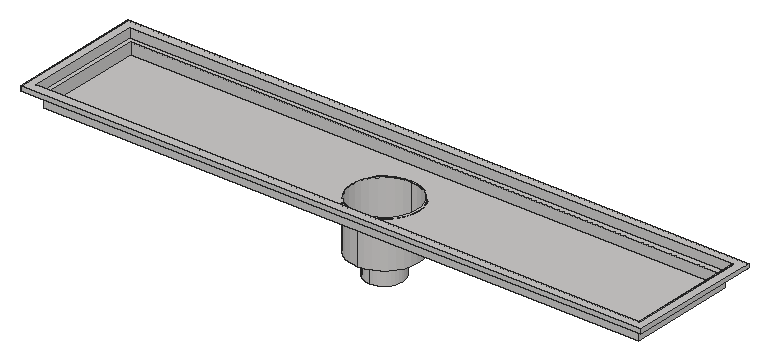
Revit family "QF_ELECTROLUXPROFESSIONAL_328064_FDB40185", category Attrezzature speciali, Revit 2020
Family settings
  Quota connettore circolare = Usa diametro
  Tipo di parte = Normale
  Basato su piano di lavoro = No
  Sempre verticale = Sì
  Taglio con vuoti quando caricato = No
  Condiviso = No
  Punto di calcolo locali = No
Parameters (values of type "Standard")
  Weight = 66.1387 lbm
  Watts = 0 W
  Volts = 0 V
  URL Manufacturer = "https://www.electroluxprofessional.com/"
  URL = "https://www.electroluxprofessional.com/"
  Steam Supply Size = 0"
  Steam Supply Minimum Pressure = 0.00 psi
  Steam Supply Maximum Pressure = 0.00 psi
  Steam Consumption per Hour = 0
  Refrigeration Suction Line Size = 0 mm
  Refrigeration Liquid Line Size = 0 mm
  Refrigerant Compressor Remote = yes
  Prospetto di default = 0 mm
  Phase = 0
  Modello = "FDB40185"
  Produttore = "Electrolux Professional"
  Length Actual = 1850 mm  # constant formula
  Item Number = "328064"
  Hot Water Size = 0"
  Height Actual = 265 mm  # constant formula
  HP = "0 HP"
  Gas Size = 0"
  Gas KW = 0
  Gas Input Pressure = 0.0 Btu/h
  Direct Waste Size = 3.93701"
  Descrizione = "FLR.DRAIN+GRATE+C.SIPH-VERT.OUT.400X1850"
  Depth Actual = 400 mm  # constant formula
  Cycle = 0 Hz
  Condensate Return Size = 0"
  Compressed Air Volume = 0 GPM
  Compressed Air Size = 0"
  Compressed Air Pressure = 0.00 psi
  Cold Water Size = 0"
  Assembly Code = ""
  Accessory = yes
Reference planes
  plane 1: z = 0
  plane 2 "Center (Front/Back)": y = -102.225
  plane 3 "Center (Left/Right)": x = 9.791
  plane 4 "TOP": z = -265
  plane 5 "Back": y = 97.775
  plane 6 "Front": y = -302.225
  plane 7: x = -140.209
  plane 8: x = 159.791
  plane 9 "Right": x = 934.791
  plane 10 "Left": x = -915.209
  plane 11: x = 909.791
Forms (mm)
  Revolve 1, solid, material "QF_Metal-Stainless-Polished"
    sketch origin (9.791, 0, 0) x (0, 1, 0) y (0, 0, 1)
      loop
        line (-2.225, -62) -> (0.775, -62) -> (0.775, -60) -> (-4.225, -60) -> (-4.225, -198) -> (-49.225, -198) -> (-49.225, -265) -> (-47.225, -265) -> (-47.225, -200) -> (-2.225, -200) -> (-2.225, -62)
      axis (-102.225, -265) -> (-102.225, -60)
    angle from 0 to 360
  Sweep 2, solid, material "QF_Finishes_Stainless Steel"
    path origin (0, 0, 0) x (1, 0, 0) y (0, 1, 0)
      loop
        line (-915.209, 97.775) -> (-915.209, -302.225) -> (934.791, -302.225) -> (934.791, 97.775) -> (-915.209, 97.775)
    profile origin (9.791, 97.775, 0) x (0, 1, 0) y (0, 0, 1)
      loop
        line (0, -11.945) -> (0, 1) -> (-26, 1) -> (-26, -25) -> (-40, -25) -> (-40, -59) -> (-50, -59) -> (-50, -60) -> (-39, -60) -> (-39, -26) -> (-25, -26) -> (-25, 0.055) -> (-1, 0.055) -> (-1, -11.945) -> (0, -11.945)
  Extrusion 3, solid, material "QF_Finishes_Stainless Steel"
    sketch origin (0, 0, 0) x (1, 0, 0) y (0, 1, 0)
      loop
        line (-865.209, 47.775) -> (-865.209, -252.225) -> (884.791, -252.225) -> (884.791, 47.775) -> (-865.209, 47.775)
      loop
        circle (9.791, -102.225) r 98
    from -59 to -60
Cuts and joins
  joined: Sweep 2, Extrusion 3
Lines and regions (mm)
  symbolic lines
    curve 1: line (-915.209, 97.775, 0) -> (934.791, 97.775, 0)
    curve 2: line (-915.209, -302.225, 0) -> (-915.209, 97.775, 0)
    curve 3: line (934.791, -302.225, 0) -> (-915.209, -302.225, 0)
    curve 4: line (934.791, 97.775, 0) -> (934.791, -302.225, 0)
    curve 5: circle (9.791, -102.225, 0) r 115 normal (0, 0, 1)
    curve 18: circle (9.791, -102.225, 0) r 115 normal (0, 0, -1)
    curve 24: circle (9.791, -102.225, 0) r 53 normal (0, 0, 1)
    curve 70: line (-890.209, 72.775, 0) -> (-890.209, -277.225, 0)
    curve 71: line (909.791, 72.775, 0) -> (-890.209, 72.775, 0)
    curve 72: line (-890.209, -277.225, 0) -> (909.791, -277.225, 0)
    curve 73: line (459.791, -277.225, 0) -> (459.791, 72.775, 0)
    curve 74: line (909.791, 72.775, 0) -> (909.791, -277.225, 0)
    curve 112: line (739.791, -277.225, 0) -> (739.791, 72.775, 0)
  model lines
    curve 6: line (-100.209, 71.775, 0) -> (-100.209, -276.225, 0)
    curve 7: line (-80.209, 71.775, 0) -> (-80.209, -276.225, 0)
    curve 8: line (-60.209, 71.775, 0) -> (-60.209, -276.225, 0)
    curve 9: line (-40.209, 71.775, 0) -> (-40.209, -276.225, 0)
    curve 10: line (-20.209, 71.775, 0) -> (-20.209, -276.225, 0)
    curve 11: line (-0.209, 71.775, 0) -> (-0.209, -276.225, 0)
    curve 12: line (19.791, 71.775, 0) -> (19.791, -276.225, 0)
    curve 13: line (39.791, 71.775, 0) -> (39.791, -276.225, 0)
    curve 14: line (59.791, 71.775, 0) -> (59.791, -276.225, 0)
    curve 15: line (79.791, 71.775, 0) -> (79.791, -276.225, 0)
    curve 16: line (99.791, 71.775, 0) -> (99.791, -276.225, 0)
    curve 17: line (119.791, 71.775, 0) -> (119.791, -276.225, 0)
    curve 19: line (-890.209, -22.225, 0) -> (909.791, -22.225, 0)
    curve 20: line (-890.209, -42.225, 0) -> (909.791, -42.225, 0)
    curve 21: line (-890.209, -62.225, 0) -> (909.791, -62.225, 0)
    curve 22: line (-890.209, -102.225, 0) -> (909.791, -102.225, 0)
    curve 23: line (-890.209, -122.225, 0) -> (909.791, -122.225, 0)
    curve 25: line (-890.209, 37.775, 0) -> (909.791, 37.775, 0)
    curve 26: line (-890.209, 17.775, 0) -> (909.791, 17.775, 0)
    curve 27: line (-890.209, -2.225, 0) -> (909.791, -2.225, 0)
    curve 28: line (-890.209, -202.225, 0) -> (909.791, -202.225, 0)
    curve 29: line (-890.209, -182.225, 0) -> (909.791, -182.225, 0)
    curve 30: line (-890.209, -162.225, 0) -> (909.791, -162.225, 0)
    curve 31: line (-890.209, -142.225, 0) -> (909.791, -142.225, 0)
    curve 32: line (-890.209, -262.225, 0) -> (909.791, -262.225, 0)
    curve 33: line (-890.209, -242.225, 0) -> (909.791, -242.225, 0)
    curve 34: line (-890.209, -222.225, 0) -> (909.791, -222.225, 0)
    curve 35: line (-890.209, 57.775, 0) -> (909.791, 57.775, 0)
    curve 36: line (139.791, 71.775, 0) -> (139.791, -276.225, 0)
    curve 37: line (159.791, 71.775, 0) -> (159.791, -276.225, 0)
    curve 38: line (179.791, 71.775, 0) -> (179.791, -276.225, 0)
    curve 39: line (199.791, 71.775, 0) -> (199.791, -276.225, 0)
    curve 40: line (219.791, 71.775, 0) -> (219.791, -276.225, 0)
    curve 41: line (239.791, 71.775, 0) -> (239.791, -276.225, 0)
    curve 42: line (259.791, 71.775, 0) -> (259.791, -276.225, 0)
    curve 43: line (279.791, 71.775, 0) -> (279.791, -276.225, 0)
    curve 44: line (299.791, 71.775, 0) -> (299.791, -276.225, 0)
    curve 45: line (319.791, 71.775, 0) -> (319.791, -276.225, 0)
    curve 46: line (339.791, 71.775, 0) -> (339.791, -276.225, 0)
    curve 47: line (359.791, 71.775, 0) -> (359.791, -276.225, 0)
    curve 48: line (379.791, 71.775, 0) -> (379.791, -276.225, 0)
    curve 49: line (399.791, 71.775, 0) -> (399.791, -276.225, 0)
    curve 50: line (419.791, 71.775, 0) -> (419.791, -276.225, 0)
    curve 51: line (439.791, 71.775, 0) -> (439.791, -276.225, 0)
    curve 52: line (459.791, 72.775, 0) -> (459.791, -277.225, 0)
    curve 53: line (-890.209, -82.225, 0) -> (909.791, -82.225, 0)
    curve 54: line (-360.209, 71.775, 0) -> (-360.209, -276.225, 0)
    curve 55: line (-340.209, 71.775, 0) -> (-340.209, -276.225, 0)
    curve 56: line (-320.209, 71.775, 0) -> (-320.209, -276.225, 0)
    curve 57: line (-300.209, 71.775, 0) -> (-300.209, -276.225, 0)
    curve 58: line (-280.209, 71.775, 0) -> (-280.209, -276.225, 0)
    curve 59: line (-260.209, 71.775, 0) -> (-260.209, -276.225, 0)
    curve 60: line (-240.209, 71.775, 0) -> (-240.209, -276.225, 0)
    curve 61: line (-220.209, 71.775, 0) -> (-220.209, -276.225, 0)
    curve 62: line (-200.209, 71.775, 0) -> (-200.209, -276.225, 0)
    curve 63: line (-180.209, 71.775, 0) -> (-180.209, -276.225, 0)
    curve 64: line (-160.209, 71.775, 0) -> (-160.209, -276.225, 0)
    curve 65: line (-140.209, 71.775, 0) -> (-140.209, -276.225, 0)
    curve 66: line (-120.209, 71.775, 0) -> (-120.209, -276.225, 0)
    curve 67: line (-420.209, 71.775, 0) -> (-420.209, -276.225, 0)
    curve 68: line (-400.209, 71.775, 0) -> (-400.209, -276.225, 0)
    curve 69: line (-380.209, 71.775, 0) -> (-380.209, -276.225, 0)
    curve 75: line (-640.209, 71.775, 0) -> (-640.209, -276.225, 0)
    curve 76: line (-620.209, 71.775, 0) -> (-620.209, -276.225, 0)
    curve 77: line (-600.209, 71.775, 0) -> (-600.209, -276.225, 0)
    curve 78: line (-580.209, 71.775, 0) -> (-580.209, -276.225, 0)
    curve 79: line (-560.209, 71.775, 0) -> (-560.209, -276.225, 0)
    curve 80: line (-540.209, 71.775, 0) -> (-540.209, -276.225, 0)
    curve 81: line (-520.209, 71.775, 0) -> (-520.209, -276.225, 0)
    curve 82: line (-500.209, 71.775, 0) -> (-500.209, -276.225, 0)
    curve 83: line (-480.209, 71.775, 0) -> (-480.209, -276.225, 0)
    curve 84: line (-460.209, 71.775, 0) -> (-460.209, -276.225, 0)
    curve 85: line (-440.209, 71.775, 0) -> (-440.209, -276.225, 0)
    curve 86: line (-700.209, 71.775, 0) -> (-700.209, -276.225, 0)
    curve 87: line (-680.209, 71.775, 0) -> (-680.209, -276.225, 0)
    curve 88: line (-660.209, 71.775, 0) -> (-660.209, -276.225, 0)
    curve 89: line (-880.209, 71.775, 0) -> (-880.209, -276.225, 0)
    curve 90: line (-860.209, 71.775, 0) -> (-860.209, -276.225, 0)
    curve 91: line (-840.209, 71.775, 0) -> (-840.209, -276.225, 0)
    curve 92: line (-820.209, 71.775, 0) -> (-820.209, -276.225, 0)
    curve 93: line (-800.209, 71.775, 0) -> (-800.209, -276.225, 0)
    curve 94: line (-780.209, 71.775, 0) -> (-780.209, -276.225, 0)
    curve 95: line (-760.209, 71.775, 0) -> (-760.209, -276.225, 0)
    curve 96: line (-740.209, 71.775, 0) -> (-740.209, -276.225, 0)
    curve 97: line (-720.209, 71.775, 0) -> (-720.209, -276.225, 0)
    curve 98: line (479.791, 71.775, 0) -> (479.791, -276.225, 0)
    curve 99: line (499.791, 71.775, 0) -> (499.791, -276.225, 0)
    curve 100: line (519.791, 71.775, 0) -> (519.791, -276.225, 0)
    curve 101: line (539.791, 71.775, 0) -> (539.791, -276.225, 0)
    curve 102: line (559.791, 71.775, 0) -> (559.791, -276.225, 0)
    curve 103: line (579.791, 71.775, 0) -> (579.791, -276.225, 0)
    curve 104: line (599.791, 71.775, 0) -> (599.791, -276.225, 0)
    curve 105: line (619.791, 71.775, 0) -> (619.791, -276.225, 0)
    curve 106: line (639.791, 71.775, 0) -> (639.791, -276.225, 0)
    curve 107: line (659.791, 71.775, 0) -> (659.791, -276.225, 0)
    curve 108: line (679.791, 71.775, 0) -> (679.791, -276.225, 0)
    curve 109: line (699.791, 71.775, 0) -> (699.791, -276.225, 0)
    curve 110: line (719.791, 71.775, 0) -> (719.791, -276.225, 0)
    curve 111: line (739.791, 72.775, 0) -> (739.791, -277.225, 0)
    curve 113: line (759.791, 71.775, 0) -> (759.791, -276.225, 0)
    curve 114: line (779.791, 71.775, 0) -> (779.791, -276.225, 0)
    curve 115: line (799.791, 71.775, 0) -> (799.791, -276.225, 0)
    curve 116: line (819.791, 71.775, 0) -> (819.791, -276.225, 0)
    curve 117: line (839.791, 71.775, 0) -> (839.791, -276.225, 0)
    curve 118: line (859.791, 71.775, 0) -> (859.791, -276.225, 0)
    curve 119: line (879.791, 71.775, 0) -> (879.791, -276.225, 0)
    curve 120: line (899.791, 71.775, 0) -> (899.791, -276.225, 0)
Dimensions and locks
  equal spacing: plane 8, plane 3 "Center (Left/Right)", plane 7
  level to plane 4 "TOP" = 265 mm
  locked: Revolve 1 sketch curve to Revolve 1 sketch curve at 100
  locked: Revolve 1 sketch curve to Revolve 1 sketch curve at 55
  locked: plane 8 to plane 7 at 300
  equal spacing: plane 6 "Front", plane 2 "Center (Front/Back)", plane 5 "Back"
  locked: plane 6 "Front" to plane 5 "Back" at 400
  equal spacing: plane 10 "Left", plane 3 "Center (Left/Right)", plane 9 "Right"
  locked: plane 10 "Left" to plane 9 "Right" at 1850
  locked: plane 11 to plane 9 "Right" at 25
  aligned and locked: level to plane 1
  aligned and locked: Sweep 2 sketch curve to plane 9 "Right"
  aligned and locked: curve 4 to plane 9 "Right"
  aligned and locked: plane 10 "Left" to Sweep 2 sketch curve
  aligned and locked: plane 10 "Left" to curve 2
  aligned and locked: plane 11 to curve 25
Automatic sketch dimensions
  plane 6 "Front" to Sweep 2 sketch curve = 0 mm
  plane 5 "Back" to Sweep 2 sketch curve = 0 mm
  level to Sweep 2 sketch curve = 1 mm
  Sweep 2 sketch curve to profile plane = 0 mm
  profile plane to Sweep 2 sketch curve = 1 mm
  profile plane to Sweep 2 sketch curve = 25 mm
  Sweep 2 sketch curve to Sweep 2 sketch curve = 1 mm  (x4)
  Sweep 2 sketch curve to Sweep 2 sketch curve = 14 mm
  level to Sweep 2 sketch curve = 0.055 mm
  Sweep 2 sketch curve to Sweep 2 sketch curve = 12 mm
  Sweep 2 sketch curve to level = 25 mm
  Sweep 2 sketch curve to Sweep 2 sketch curve = 33 mm
  Sweep 2 sketch curve to Sweep 2 sketch curve = 10 mm
  Extrusion 3 sketch curve to plane 2 "Center (Front/Back)" = 0 mm
  Extrusion 3 sketch curve to plane 3 "Center (Left/Right)" = 0 mm
  Extrusion 3 sketch curve to plane 9 "Right" = 50 mm
  Extrusion 3 sketch curve to plane 6 "Front" = 50 mm
  plane 5 "Back" to Extrusion 3 sketch curve = 50 mm
  plane 10 "Left" to Extrusion 3 sketch curve = 50 mm
  Revolve 1 sketch curve to plane 2 "Center (Front/Back)" = 0 mm
  Revolve 1 sketch curve to plane 4 "TOP" = 0 mm
  Revolve 1 sketch curve to Revolve 1 sketch curve = 2 mm  (x4)
  Revolve 1 sketch curve to Revolve 1 sketch curve = 3 mm
  plane 4 "TOP" to Revolve 1 sketch curve = 65 mm
  Revolve 1 sketch curve to level = 60 mm
  Revolve 1 sketch curve to plane 4 "TOP" = 344.6 mm
  level to Revolve 1 sketch curve = 2466.13 mm
  curve 5 to curve 18 = 0 mm  (x2)
  curve 5 to curve 24 = 0 mm  (x2)
  curve 22 to plane 2 "Center (Front/Back)" = 0 mm
  curve 65 to plane 7 = 0 mm
  curve 5 to plane 2 "Center (Front/Back)" = 0 mm
  curve 5 to plane 3 "Center (Left/Right)" = 0 mm
  curve 37 to plane 8 = 0 mm
  plane 6 "Front" to curve 3 = 0 mm
  plane 5 "Back" to curve 2 = 0 mm
  plane 10 "Left" to curve 70 = 25 mm
  curve 73 to plane 6 "Front" = 25 mm
  plane 8 to curve 73 = 300 mm
  curve 72 to plane 6 "Front" = 25 mm
  plane 5 "Back" to curve 74 = 25 mm
  plane 5 "Back" to curve 73 = 25 mm
  curve 70 to curve 89 = 10 mm
  curve 89 to curve 90 = 20 mm
  curve 90 to curve 91 = 20 mm
  curve 91 to curve 92 = 20 mm
  curve 92 to curve 93 = 20 mm
  curve 93 to curve 94 = 20 mm
  curve 94 to curve 95 = 20 mm
  curve 95 to curve 96 = 20 mm
  curve 96 to curve 97 = 20 mm
  curve 97 to curve 86 = 20 mm
  curve 86 to curve 87 = 20 mm
  curve 87 to curve 88 = 20 mm
  curve 88 to curve 75 = 20 mm
  curve 75 to curve 76 = 20 mm
  curve 76 to curve 77 = 20 mm
  curve 77 to curve 78 = 20 mm
  curve 78 to curve 79 = 20 mm
  curve 79 to curve 80 = 20 mm
  curve 80 to curve 81 = 20 mm
  curve 81 to curve 82 = 20 mm
  curve 82 to curve 83 = 20 mm
  curve 83 to curve 84 = 20 mm
  curve 84 to curve 85 = 20 mm
  curve 85 to curve 67 = 20 mm
  curve 67 to curve 68 = 20 mm
  curve 68 to curve 69 = 20 mm
  curve 69 to curve 54 = 20 mm
  curve 54 to curve 55 = 20 mm
  curve 55 to curve 56 = 20 mm
  curve 56 to curve 57 = 20 mm
  curve 57 to curve 58 = 20 mm
  curve 58 to curve 59 = 20 mm
  curve 59 to curve 60 = 20 mm
  curve 60 to curve 61 = 20 mm
  curve 61 to curve 62 = 20 mm
  curve 62 to curve 63 = 20 mm
  curve 64 to plane 7 = 20 mm
  curve 65 to curve 66 = 20 mm
  curve 66 to curve 6 = 20 mm
  curve 6 to curve 7 = 20 mm
  curve 7 to curve 8 = 20 mm
  curve 8 to curve 9 = 20 mm
  curve 9 to curve 10 = 20 mm
  curve 11 to plane 3 "Center (Left/Right)" = 10 mm
  plane 3 "Center (Left/Right)" to curve 12 = 10 mm
  curve 12 to curve 13 = 20 mm
  curve 13 to curve 14 = 20 mm
  curve 14 to curve 15 = 20 mm
  curve 15 to curve 16 = 20 mm
  curve 16 to curve 17 = 20 mm
  curve 17 to curve 36 = 20 mm
  plane 8 to curve 38 = 20 mm
  curve 38 to curve 39 = 20 mm
  curve 39 to curve 40 = 20 mm
  curve 40 to curve 41 = 20 mm
  curve 41 to curve 42 = 20 mm
  curve 42 to curve 43 = 20 mm
  curve 43 to curve 44 = 20 mm
  curve 44 to curve 45 = 20 mm
  curve 45 to curve 46 = 20 mm
  curve 46 to curve 47 = 20 mm
  curve 47 to curve 48 = 20 mm
  curve 48 to curve 49 = 20 mm
  curve 49 to curve 50 = 20 mm
  curve 50 to curve 51 = 20 mm
  curve 52 to curve 98 = 20 mm
  curve 98 to curve 99 = 20 mm
  curve 99 to curve 100 = 20 mm
  curve 100 to curve 101 = 20 mm
  curve 101 to curve 102 = 20 mm
  curve 102 to curve 103 = 20 mm
  curve 103 to curve 104 = 20 mm
  curve 104 to curve 105 = 20 mm
  curve 105 to curve 106 = 20 mm
  curve 106 to curve 107 = 20 mm
  curve 107 to curve 108 = 20 mm
  curve 108 to curve 109 = 20 mm
  curve 109 to curve 110 = 20 mm
  curve 110 to curve 111 = 20 mm
  curve 112 to curve 111 = 0 mm
  curve 111 to curve 113 = 20 mm
  curve 113 to curve 114 = 20 mm
  curve 114 to curve 115 = 20 mm
  curve 115 to curve 116 = 20 mm
  curve 116 to curve 117 = 20 mm
  curve 117 to curve 118 = 20 mm
  curve 118 to curve 119 = 20 mm
  plane 11 to curve 120 = 10 mm
  curve 8 to plane 6 "Front" = 26 mm
  curve 111 to curve 113 = 1 mm
  curve 8 to curve 9 = 0 mm  (x2)
  curve 72 to curve 120 = 1 mm
  curve 9 to curve 10 = 0 mm  (x2)
  curve 113 to curve 114 = 0 mm  (x2)
  curve 10 to curve 11 = 0 mm  (x2)
  curve 7 to curve 8 = 0 mm  (x2)
  curve 11 to curve 12 = 0 mm  (x2)
  curve 112 to curve 110 = 1 mm
  curve 12 to curve 13 = 0 mm  (x2)
  curve 109 to curve 110 = 0 mm  (x2)
  curve 13 to curve 14 = 0 mm  (x2)
  curve 108 to curve 109 = 0 mm  (x2)
  curve 14 to curve 15 = 0 mm  (x2)
  curve 107 to curve 108 = 0 mm  (x2)
  curve 15 to curve 16 = 0 mm  (x2)
  curve 106 to curve 107 = 0 mm  (x2)
  curve 16 to curve 17 = 0 mm  (x2)
  curve 105 to curve 106 = 0 mm  (x2)
  curve 104 to curve 105 = 0 mm  (x2)
  curve 103 to curve 104 = 0 mm  (x2)
  curve 102 to curve 103 = 0 mm  (x2)
  curve 114 to curve 115 = 0 mm  (x2)
  curve 100 to plane 6 "Front" = 26 mm
  curve 99 to curve 100 = 0 mm  (x2)
  curve 98 to curve 99 = 0 mm  (x2)
  curve 97 to plane 6 "Front" = 26 mm
  curve 96 to curve 97 = 0 mm
  curve 95 to curve 96 = 0 mm  (x2)
  curve 94 to curve 95 = 0 mm  (x2)
  curve 93 to curve 94 = 0 mm  (x2)
  curve 92 to curve 93 = 0 mm  (x2)
  curve 91 to curve 92 = 0 mm  (x2)
  curve 90 to curve 91 = 0 mm  (x2)
  curve 70 to curve 89 = 1 mm
  curve 88 to plane 6 "Front" = 26 mm
  curve 87 to curve 88 = 0 mm
  curve 86 to curve 87 = 0 mm  (x2)
  curve 85 to plane 6 "Front" = 26 mm
  curve 84 to curve 85 = 0 mm  (x2)
  curve 83 to curve 84 = 0 mm  (x2)
  curve 82 to curve 83 = 0 mm  (x2)
  curve 81 to curve 82 = 0 mm
  curve 80 to curve 81 = 0 mm  (x2)
  curve 79 to curve 80 = 0 mm  (x2)
  curve 78 to curve 79 = 0 mm  (x2)
  curve 77 to curve 78 = 0 mm  (x2)
  curve 76 to curve 77 = 0 mm  (x2)
  curve 75 to curve 76 = 0 mm  (x2)
  curve 6 to curve 7 = 0 mm  (x2)
  curve 115 to curve 116 = 0 mm  (x2)
  curve 116 to curve 117 = 0 mm  (x2)
  curve 17 to curve 36 = 0 mm  (x2)
  curve 117 to curve 118 = 0 mm  (x2)
  curve 36 to curve 37 = 0 mm  (x2)
  curve 37 to curve 38 = 0 mm  (x2)
  curve 100 to curve 101 = 0 mm  (x2)
  curve 38 to curve 39 = 0 mm  (x2)
  curve 39 to curve 40 = 0 mm
  curve 69 to plane 6 "Front" = 26 mm
  curve 40 to curve 41 = 0 mm  (x2)
  curve 68 to curve 69 = 0 mm  (x2)
  curve 41 to curve 42 = 0 mm  (x2)
  curve 67 to curve 68 = 0 mm  (x2)
  curve 42 to curve 43 = 0 mm  (x2)
  curve 66 to curve 6 = 0 mm
  curve 43 to curve 44 = 0 mm  (x2)
  curve 65 to curve 66 = 0 mm
  curve 44 to curve 45 = 0 mm
  curve 64 to curve 65 = 0 mm  (x2)
  curve 45 to curve 46 = 0 mm  (x2)
  curve 63 to curve 64 = 0 mm  (x2)
  curve 46 to curve 47 = 0 mm  (x2)
  curve 62 to curve 63 = 0 mm  (x2)
  curve 47 to curve 48 = 0 mm  (x2)
  curve 61 to curve 62 = 0 mm
  curve 48 to curve 49 = 0 mm  (x2)
  curve 118 to curve 119 = 0 mm  (x2)
  curve 49 to curve 50 = 0 mm  (x2)
  curve 60 to curve 61 = 0 mm  (x2)
  curve 50 to curve 51 = 0 mm  (x2)
  curve 59 to curve 60 = 0 mm  (x2)
  curve 58 to curve 59 = 0 mm  (x2)
  curve 57 to curve 58 = 0 mm  (x2)
  curve 69 to curve 54 = 0 mm  (x2)
  curve 56 to curve 57 = 0 mm
  curve 54 to curve 55 = 0 mm  (x2)
  curve 72 to curve 32 = 15 mm
  curve 32 to curve 33 = 20 mm
  curve 33 to curve 34 = 20 mm
  curve 34 to curve 28 = 20 mm
  curve 28 to curve 29 = 20 mm
  curve 29 to curve 30 = 20 mm
  curve 30 to curve 31 = 20 mm
  curve 23 to curve 22 = 20 mm
  plane 2 "Center (Front/Back)" to curve 53 = 20 mm
  curve 53 to curve 21 = 20 mm
  curve 21 to curve 20 = 20 mm
  curve 20 to curve 19 = 20 mm
  curve 19 to curve 27 = 20 mm
  curve 27 to curve 26 = 20 mm
  curve 26 to curve 25 = 20 mm
  curve 35 to curve 70 = 15 mm
  plane 5 "Back" to curve 66 = 26 mm
  plane 5 "Back" to curve 75 = 26 mm
  plane 5 "Back" to curve 45 = 26 mm
  plane 5 "Back" to curve 64 = 26 mm
  plane 5 "Back" to curve 82 = 26 mm
  plane 5 "Back" to curve 40 = 26 mm
  plane 5 "Back" to curve 60 = 26 mm
  plane 5 "Back" to curve 86 = 26 mm
  curve 88 to curve 75 = 0 mm
  plane 5 "Back" to curve 36 = 26 mm
  curve 89 to curve 70 = 1 mm
  curve 89 to curve 90 = 0 mm
  plane 5 "Back" to curve 69 = 26 mm
  curve 97 to curve 86 = 0 mm
  curve 98 to curve 52 = 1 mm
  curve 101 to curve 102 = 0 mm
  curve 113 to curve 111 = 1 mm
  curve 55 to curve 56 = 0 mm
  curve 120 to curve 71 = 1 mm
  radius of Extrusion 3 sketch curve = 98 mm
  radius of curve 5 = 115 mm
  radius of curve 18 = 115 mm
  radius of curve 24 = 53 mm
Connectors
  piping at (9.791, -102.225, -265), diameter 100, driven by "Direct Waste Size"
    settings: on Revolve 1, index 1, connector inside diameter 24", connector length 0 mm, flow factor 0, pipe flow 0 GPM, pressure drop 0.00 psi, fitting loss kfactor 0, connector angle 0.00°, fixture units 0, engagement length 0 mm, angle of deflection 0.00°, flow configuration 1, flow direction 2, fitting loss method 0, system type 16, joint type 0, gender type 0, connector reference index -1, connector utility 0, adjustable connector no, is connector primary yes, connector description "Drain"
